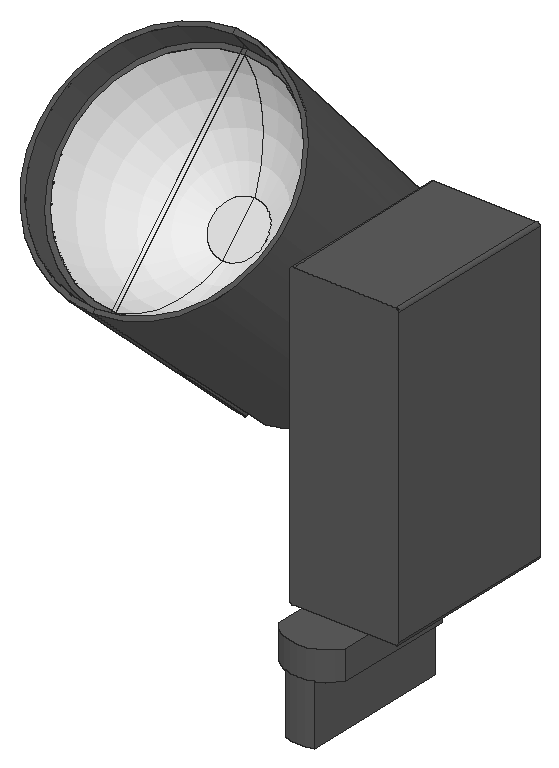
Revit family "0004945 Feilo Sylvania Lighting Fixture START TRACK SPOT L DALI 4448LM 930 MB BLK", category Lighting Fixtures, host Face, Revit 2017 (continued)
Definition of nested family "Start Track Spot Head"
  Types (96, lengths in mm): name | Wattage | built-in parameter 1150134 | Photometric Web File | Model | built-in parameter 1150105 | Lumens | built-in parameter 1150107 | built-in parameter 1150106 | HeadThickness_FEILO | HeadRibOffset_FEILO | HeadRibDepth_FEILO | HeadRibCutWidth_FEILO | HeadRibCutOffset_FEILO | HeadReflectorRadius_FEILO | HeadReflectorOffset_FEILO | HeadLEDRadius_FEILO | HeadHeight_FEILO | HeadDiffusorOffset_FEILO | HeadDiaOut_FEILO | HeadDiaIn_FEILO | HeadAxisFromTop_FEILO | Emit from Circle Diameter | built-in parameter 1150104 | Description | Apparent Load
    0004864 START TRACK SPOT S 24W 3K RA90 WB WHITE | 24 W | (empty or 0) | "0004864.ies" | "START TRACK SPOT S 24W 3K RA90 WB WHITE" | 152.79 (stored number, unit not read) | 1920 lm | 3000 (stored number, unit not read) | 1.5279 (stored number, unit not read) | 1.5 | 4.179 | 55.714 | 7.167 | 50.87 | 50.588 | 55.714 | 9.556 | 117 | 9.435 | 86 | 77.477 | 69.354 | 77.477 | 7.4322 (stored number, unit not read) | "Integrated LED spotlight, Textured White - RAL9016, compact and minimalist design, ideal for retail applications, die-cast aluminium body, passive cooling heatsink. Beam angle: 64°, color temperature: 3000K , total system power: 24W, total fixture output: 1928 lm, LOR: 100%, colour rendering: Ra: 90 typical, LED Chromaticity: 3 step MacAdam ellipse, lifetime: >50000 hours at L70B50, energy class: A++, A+, A, IR/UV free light source without heat radiation, operating voltage: 220-240V / 50-60Hz, drive current: 600mA, electronic driver, non-dimmable, power factor: 0.95, electrical protection: Class II, Global Track 3 Phase adapter suitable for Global trac 3-circuit tracks, ingress protection rating: IP20, suitable for internal environment only, horizontal rotation: 355°, vertical tilt: 90°, dimensions: Ø86x140x200, weight: 0.966kg." | 24 VA
    0004863 START TRACK SPOT S 24W 3K RA90 MB WHITE | 24 W | (empty or 0) | "0004863.ies" | "START TRACK SPOT S 24W 3K RA90 MB WHITE" | 154.7 (stored number, unit not read) | 1944 lm | 3000 (stored number, unit not read) | 1.547 (stored number, unit not read) | 1.5 | 4.179 | 55.714 | 7.167 | 50.87 | 50.588 | 55.714 | 9.556 | 117 | 9.435 | 86 | 77.477 | 69.354 | 77.477 | 7.5251 (stored number, unit not read) | "Integrated LED spotlight, Textured White - RAL9016, compact and minimalist design, ideal for retail applications, die-cast aluminium body, passive cooling heatsink. Beam angle: 36°, color temperature: 3000K , total system power: 24W, total fixture output: 1944 lm, LOR: 100%, colour rendering: Ra: 90 typical, LED Chromaticity: 3 step MacAdam ellipse, lifetime: >50000 hours at L70B50, energy class: A++, A+, A, IR/UV free light source without heat radiation, operating voltage: 220-240V / 50-60Hz, drive current: 600mA, electronic driver, non-dimmable, power factor: 0.95, electrical protection: Class II, Global Track 3 Phase adapter suitable for Global trac 3-circuit tracks, ingress protection rating: IP20, suitable for internal environment only, horizontal rotation: 355°, vertical tilt: 90°, dimensions: Ø86x140x200, weight: 0.966kg." | 24 VA
    0004862 START TRACK SPOT S 24W 3K RA90 NB WHITE | 24 W | (empty or 0) | "0004862.ies" | "START TRACK SPOT S 24W 3K RA90 NB WHITE" | 158.52 (stored number, unit not read) | 1992 lm | 3000 (stored number, unit not read) | 1.5852 (stored number, unit not read) | 1.5 | 4.179 | 55.714 | 7.167 | 50.87 | 50.588 | 55.714 | 9.556 | 117 | 9.435 | 86 | 77.477 | 69.354 | 77.477 | 7.711 (stored number, unit not read) | "Integrated LED spotlight, Textured White - RAL9016, compact and minimalist design, ideal for retail applications, die-cast aluminium body, passive cooling heatsink. Beam angle: 12°, color temperature: 3000K , total system power: 24W, total fixture output: 1987 lm, LOR: 100%, colour rendering: Ra: 90 typical, LED Chromaticity: 3 step MacAdam ellipse, lifetime: >50000 hours at L70B50, energy class: A++, A+, A, IR/UV free light source without heat radiation, operating voltage: 220-240V / 50-60Hz, drive current: 600mA, electronic driver, non-dimmable, power factor: 0.95, electrical protection: Class II, Global Track 3 Phase adapter suitable for Global trac 3-circuit tracks, ingress protection rating: IP20, suitable for internal environment only, horizontal rotation: 355°, vertical tilt: 90°, dimensions: Ø86x140x200, weight: 0.966kg." | 24 VA
    0004861 START TRACK SPOT S 14W 3K RA90 WB WHITE | 14 W | (empty or 0) | "0004861.ies" | "START TRACK SPOT S 14W 3K RA90 WB WHITE" | 100.27 (stored number, unit not read) | 1260 lm | 3000 (stored number, unit not read) | 1.0027 (stored number, unit not read) | 1.5 | 4.179 | 55.714 | 7.167 | 50.87 | 50.588 | 55.714 | 9.556 | 117 | 9.435 | 86 | 77.477 | 69.354 | 77.477 | 8.3613 (stored number, unit not read) | "Integrated LED spotlight, Textured White - RAL9016, compact and minimalist design, ideal for retail applications, die-cast aluminium body, passive cooling heatsink. Beam angle: 64°, color temperature: 3000K , total system power: 14W, total fixture output: 1262 lm, LOR: 100%, colour rendering: Ra: 90 typical, LED Chromaticity: 3 step MacAdam ellipse, lifetime: >50000 hours at L70B50, energy class: A++, A+, A, IR/UV free light source without heat radiation, operating voltage: 220-240V / 50-60Hz, drive current: 350mA, electronic driver, non-dimmable, power factor: 0.92, electrical protection: Class II, Global Track 3 Phase adapter suitable for Global trac 3-circuit tracks, ingress protection rating: IP20, suitable for internal environment only, horizontal rotation: 355°, vertical tilt: 90°, dimensions: Ø86x140x200, weight: 0.940kg." | 14 VA
    0004860 START TRACK SPOT S 14W 3K RA90 MB WHITE | 14 W | (empty or 0) | "0004860.ies" | "START TRACK SPOT S 14W 3K RA90 MB WHITE" | 100.27 (stored number, unit not read) | 1260 lm | 3000 (stored number, unit not read) | 1.0027 (stored number, unit not read) | 1.5 | 4.179 | 55.714 | 7.167 | 50.87 | 50.588 | 55.714 | 9.556 | 117 | 9.435 | 86 | 77.477 | 69.354 | 77.477 | 8.3613 (stored number, unit not read) | "Integrated LED spotlight, Textured White - RAL9016, compact and minimalist design, ideal for retail applications, die-cast aluminium body, passive cooling heatsink. Beam angle: 36°, color temperature: 3000K , total system power: 14W, total fixture output: 1262 lm, LOR: 100%, colour rendering: Ra: 90 typical, LED Chromaticity: 3 step MacAdam ellipse, lifetime: >50000 hours at L70B50, energy class: A++, A+, A, IR/UV free light source without heat radiation, operating voltage: 220-240V / 50-60Hz, drive current: 350mA, electronic driver, non-dimmable, power factor: 0.92, electrical protection: Class II, Global Track 3 Phase adapter suitable for Global trac 3-circuit tracks, ingress protection rating: IP20, suitable for internal environment only, horizontal rotation: 355°, vertical tilt: 90°, dimensions: Ø86x140x200, weight: 0.940kg." | 14 VA
    0004859 START TRACK SPOT S 14W 3K RA90 NB WHITE | 14 W | (empty or 0) | "0004859.ies" | "START TRACK SPOT S 14W 3K RA90 NB WHITE" | 102.5 (stored number, unit not read) | 1288 lm | 3000 (stored number, unit not read) | 1.025 (stored number, unit not read) | 1.5 | 4.179 | 55.714 | 7.167 | 50.87 | 50.588 | 55.714 | 9.556 | 117 | 9.435 | 86 | 77.477 | 69.354 | 77.477 | 8.5471 (stored number, unit not read) | "Integrated LED spotlight, Textured White - RAL9016, compact and minimalist design, ideal for retail applications, die-cast aluminium body, passive cooling heatsink. Beam angle: 12°, color temperature: 3000K , total system power: 14W, total fixture output: 1284 lm, LOR: 100%, colour rendering: Ra: 90 typical, LED Chromaticity: 3 step MacAdam ellipse, lifetime: >50000 hours at L70B50, energy class: A++, A+, A, IR/UV free light source without heat radiation, operating voltage: 220-240V / 50-60Hz, drive current: 350mA, electronic driver, non-dimmable, power factor: 0.92, electrical protection: Class II, Global Track 3 Phase adapter suitable for Global trac 3-circuit tracks, ingress protection rating: IP20, suitable for internal environment only, horizontal rotation: 355°, vertical tilt: 90°, dimensions: Ø86x140x200, weight: 0.940kg." | 14 VA
    0004858 START TRACK SPOT L 55W 4K RA80 WB BLACK | 55 W | 12 | "0004858.ies" | "START TRACK SPOT L 55W 4K RA80 WB BLACK" | 424.55 (stored number, unit not read) | 5335 lm | 4000 (stored number, unit not read) | 4.2455 (stored number, unit not read) | 2 | 4.429 | 59.048 | 9.417 | 53.913 | 66.471 | 59.048 | 12.556 | 124 | 10 | 113 | 101.802 | 73.503 | 101.802 | 9.0116 (stored number, unit not read) | "Integrated LED spotlight, Textured Black - RAL9005, compact and minimalist design, ideal for retail applications, die-cast aluminium body, passive cooling heatsink. Beam angle: 52°, color temperature: 4000K , total system power: 55W, total fixture output: 5320 lm, LOR: 100%, colour rendering: Ra: 80 typical, LED Chromaticity: 3 step MacAdam ellipse, lifetime: >50000 hours at L70B50, energy class: A++, A+, A, IR/UV free light source without heat radiation, operating voltage: 220-240V / 50-60Hz, drive current: 1400mA, electronic driver, non-dimmable, power factor: 0.96, electrical protection: Class II, Global Track 3 Phase adapter suitable for Global trac 3-circuit tracks, ingress protection rating: IP20, suitable for internal environment only, horizontal rotation: 355°, vertical tilt: 90°, dimensions: Ø113x164x240, weight: 1.398kg." | 55 VA
    0004857 START TRACK SPOT L 55W 4K RA80 MB BLACK | 55 W | 12 | "0004857.ies" | "START TRACK SPOT L 55W 4K RA80 MB BLACK" | 428.92 (stored number, unit not read) | 5390 lm | 4000 (stored number, unit not read) | 4.2892 (stored number, unit not read) | 2 | 4.429 | 59.048 | 9.417 | 53.913 | 66.471 | 59.048 | 12.556 | 124 | 10 | 113 | 101.802 | 73.503 | 101.802 | 9.1045 (stored number, unit not read) | "Integrated LED spotlight, Textured Black - RAL9005, compact and minimalist design, ideal for retail applications, die-cast aluminium body, passive cooling heatsink. Beam angle: 38°, color temperature: 4000K , total system power: 55W, total fixture output: 5378 lm, LOR: 100%, colour rendering: Ra: 80 typical, LED Chromaticity: 3 step MacAdam ellipse, lifetime: >50000 hours at L70B50, energy class: A++, A+, A, IR/UV free light source without heat radiation, operating voltage: 220-240V / 50-60Hz, drive current: 1400mA, electronic driver, non-dimmable, power factor: 0.96, electrical protection: Class II, Global Track 3 Phase adapter suitable for Global trac 3-circuit tracks, ingress protection rating: IP20, suitable for internal environment only, horizontal rotation: 355°, vertical tilt: 90°, dimensions: Ø113x164x240, weight: 1.398kg." | 55 VA
    0004856 START TRACK SPOT L 55W 4K RA80 NB BLACK | 55 W | 12 | "0004856.ies" | "START TRACK SPOT L 55W 4K RA80 NB BLACK" | 433.3 (stored number, unit not read) | 5445 lm | 4000 (stored number, unit not read) | 4.333 (stored number, unit not read) | 2 | 4.429 | 59.048 | 9.417 | 53.913 | 66.471 | 59.048 | 12.556 | 124 | 10 | 113 | 101.802 | 73.503 | 101.802 | 9.1974 (stored number, unit not read) | "Integrated LED spotlight, Textured Black - RAL9005, compact and minimalist design, ideal for retail applications, die-cast aluminium body, passive cooling heatsink. Beam angle: 15°, color temperature: 4000K , total system power: 55W, total fixture output: 5426 lm, LOR: 100%, colour rendering: Ra: 80 typical, LED Chromaticity: 3 step MacAdam ellipse, lifetime: >50000 hours at L70B50, energy class: A++, A+, A, IR/UV free light source without heat radiation, operating voltage: 220-240V / 50-60Hz, drive current: 1400mA, electronic driver, non-dimmable, power factor: 0.96, electrical protection: Class II, Global Track 3 Phase adapter suitable for Global trac 3-circuit tracks, ingress protection rating: IP20, suitable for internal environment only, horizontal rotation: 355°, vertical tilt: 90°, dimensions: Ø113x164x240, weight: 1.398kg." | 55 VA
    0004855 START TRACK SPOT L 35W 4K RA80 WB BLACK | 35 W | 12 | "0004855.ies" | "START TRACK SPOT L 35W 4K RA80 WB BLACK" | 320.3 (stored number, unit not read) | 4025 lm | 4000 (stored number, unit not read) | 3.203 (stored number, unit not read) | 2 | 4.429 | 59.048 | 9.417 | 53.913 | 66.471 | 59.048 | 12.556 | 124 | 10 | 113 | 101.802 | 73.503 | 101.802 | 10.684 (stored number, unit not read) | "Integrated LED spotlight, Textured Black - RAL9005, compact and minimalist design, ideal for retail applications, die-cast aluminium body, passive cooling heatsink. Beam angle: 52°, color temperature: 4000K , total system power: 35W, total fixture output: 4010 lm, LOR: 100%, colour rendering: Ra: 80 typical, LED Chromaticity: 3 step MacAdam ellipse, lifetime: >50000 hours at L70B50, energy class: A++, A+, A, IR/UV free light source without heat radiation, operating voltage: 220-240V / 50-60Hz, drive current: 900mA, electronic driver, non-dimmable, power factor: 0.93, electrical protection: Class II, Global Track 3 Phase adapter suitable for Global trac 3-circuit tracks, ingress protection rating: IP20, suitable for internal environment only, horizontal rotation: 355°, vertical tilt: 90°, dimensions: Ø113x164x240, weight: 1.368kg." | 35 VA
    0004854 START TRACK SPOT L 35W 4K RA80 MB BLACK | 35 W | 12 | "0004854.ies" | "START TRACK SPOT L 35W 4K RA80 MB BLACK" | 320.3 (stored number, unit not read) | 4025 lm | 4000 (stored number, unit not read) | 3.203 (stored number, unit not read) | 2 | 4.429 | 59.048 | 9.417 | 53.913 | 66.471 | 59.048 | 12.556 | 124 | 10 | 113 | 101.802 | 73.503 | 101.802 | 10.684 (stored number, unit not read) | "Integrated LED spotlight, Textured Black - RAL9005, compact and minimalist design, ideal for retail applications, die-cast aluminium body, passive cooling heatsink. Beam angle: 38°, color temperature: 4000K , total system power: 35W, total fixture output: 4017 lm, LOR: 100%, colour rendering: Ra: 80 typical, LED Chromaticity: 3 step MacAdam ellipse, lifetime: >50000 hours at L70B50, energy class: A++, A+, A, IR/UV free light source without heat radiation, operating voltage: 220-240V / 50-60Hz, drive current: 900mA, electronic driver, non-dimmable, power factor: 0.93, electrical protection: Class II, Global Track 3 Phase adapter suitable for Global trac 3-circuit tracks, ingress protection rating: IP20, suitable for internal environment only, horizontal rotation: 355°, vertical tilt: 90°, dimensions: Ø113x164x240, weight: 1.368kg." | 35 VA
    0004853 START TRACK SPOT L 35W 4K RA80 NB BLACK | 35 W | 12 | "0004853.ies" | "START TRACK SPOT L 35W 4K RA80 NB BLACK" | 331.44 (stored number, unit not read) | 4165 lm | 4000 (stored number, unit not read) | 3.3144 (stored number, unit not read) | 2 | 4.429 | 59.048 | 9.417 | 53.913 | 66.471 | 59.048 | 12.556 | 124 | 10 | 113 | 101.802 | 73.503 | 101.802 | 11.055 (stored number, unit not read) | "Integrated LED spotlight, Textured Black - RAL9005, compact and minimalist design, ideal for retail applications, die-cast aluminium body, passive cooling heatsink. Beam angle: 15°, color temperature: 4000K , total system power: 35W, total fixture output: 4174 lm, LOR: 100%, colour rendering: Ra: 80 typical, LED Chromaticity: 3 step MacAdam ellipse, lifetime: >50000 hours at L70B50, energy class: A++, A+, A, IR/UV free light source without heat radiation, operating voltage: 220-240V / 50-60Hz, drive current: 900mA, electronic driver, non-dimmable, power factor: 0.93, electrical protection: Class II, Global Track 3 Phase adapter suitable for Global trac 3-circuit tracks, ingress protection rating: IP20, suitable for internal environment only, horizontal rotation: 355°, vertical tilt: 90°, dimensions: Ø113x164x240, weight: 1.368kg." | 35 VA
    0004852 START TRACK SPOT S 24W 4K RA80 WB BLACK | 24 W | 12 | "0004852.ies" | "START TRACK SPOT S 24W 4K RA80 WB BLACK" | 196.72 (stored number, unit not read) | 2472 lm | 4000 (stored number, unit not read) | 1.9672 (stored number, unit not read) | 1.5 | 4.179 | 55.714 | 7.167 | 50.87 | 50.588 | 55.714 | 9.556 | 117 | 9.435 | 86 | 77.477 | 69.354 | 77.477 | 9.569 (stored number, unit not read) | "Integrated LED spotlight, Textured Black - RAL9005, compact and minimalist design, ideal for retail applications, die-cast aluminium body, passive cooling heatsink. Beam angle: 64°, color temperature: 4000K , total system power: 24W, total fixture output: 2476 lm, LOR: 100%, colour rendering: Ra: 80 typical, LED Chromaticity: 3 step MacAdam ellipse, lifetime: >50000 hours at L70B50, energy class: A++, A+, A, IR/UV free light source without heat radiation, operating voltage: 220-240V / 50-60Hz, drive current: 600mA, electronic driver, non-dimmable, power factor: 0.95, electrical protection: Class II, Global Track 3 Phase adapter suitable for Global trac 3-circuit tracks, ingress protection rating: IP20, suitable for internal environment only, horizontal rotation: 355°, vertical tilt: 90°, dimensions: Ø86x140x200, weight: 0.966kg." | 24 VA
    0004851 START TRACK SPOT S 24W 4K RA80 MB BLACK | 24 W | 12 | "0004851.ies" | "START TRACK SPOT S 24W 4K RA80 MB BLACK" | 198.63 (stored number, unit not read) | 2496 lm | 4000 (stored number, unit not read) | 1.9863 (stored number, unit not read) | 1.5 | 4.179 | 55.714 | 7.167 | 50.87 | 50.588 | 55.714 | 9.556 | 117 | 9.435 | 86 | 77.477 | 69.354 | 77.477 | 9.6619 (stored number, unit not read) | "Integrated LED spotlight, Textured Black - RAL9005, compact and minimalist design, ideal for retail applications, die-cast aluminium body, passive cooling heatsink. Beam angle: 36°, color temperature: 4000K , total system power: 24W, total fixture output: 2487 lm, LOR: 100%, colour rendering: Ra: 80 typical, LED Chromaticity: 3 step MacAdam ellipse, lifetime: >50000 hours at L70B50, energy class: A++, A+, A, IR/UV free light source without heat radiation, operating voltage: 220-240V / 50-60Hz, drive current: 600mA, electronic driver, non-dimmable, power factor: 0.95, electrical protection: Class II, Global Track 3 Phase adapter suitable for Global trac 3-circuit tracks, ingress protection rating: IP20, suitable for internal environment only, horizontal rotation: 355°, vertical tilt: 90°, dimensions: Ø86x140x200, weight: 0.966kg." | 24 VA
    0004850 START TRACK SPOT S 24W 4K RA80 NB BLACK | 24 W | 12 | "0004850.ies" | "START TRACK SPOT S 24W 4K RA80 NB BLACK" | 200.54 (stored number, unit not read) | 2520 lm | 4000 (stored number, unit not read) | 2.0054 (stored number, unit not read) | 1.5 | 4.179 | 55.714 | 7.167 | 50.87 | 50.588 | 55.714 | 9.556 | 117 | 9.435 | 86 | 77.477 | 69.354 | 77.477 | 9.7548 (stored number, unit not read) | "Integrated LED spotlight, Textured Black - RAL9005, compact and minimalist design, ideal for retail applications, die-cast aluminium body, passive cooling heatsink. Beam angle: 12°, color temperature: 4000K , total system power: 24W, total fixture output: 2529 lm, LOR: 100%, colour rendering: Ra: 80 typical, LED Chromaticity: 3 step MacAdam ellipse, lifetime: >50000 hours at L70B50, energy class: A++, A+, A, IR/UV free light source without heat radiation, operating voltage: 220-240V / 50-60Hz, drive current: 600mA, electronic driver, non-dimmable, power factor: 0.95, electrical protection: Class II, Global Track 3 Phase adapter suitable for Global trac 3-circuit tracks, ingress protection rating: IP20, suitable for internal environment only, horizontal rotation: 355°, vertical tilt: 90°, dimensions: Ø86x140x200, weight: 0.966kg." | 24 VA
    0004849 START TRACK SPOT S 14W 4K RA80 WB BLACK | 14 W | 12 | "0004849.ies" | "START TRACK SPOT S 14W 4K RA80 WB BLACK" | 123.66 (stored number, unit not read) | 1554 lm | 4000 (stored number, unit not read) | 1.2366 (stored number, unit not read) | 1.5 | 4.179 | 55.714 | 7.167 | 50.87 | 50.588 | 55.714 | 9.556 | 117 | 9.435 | 86 | 77.477 | 69.354 | 77.477 | 10.312 (stored number, unit not read) | "Integrated LED spotlight, Textured Black - RAL9005, compact and minimalist design, ideal for retail applications, die-cast aluminium body, passive cooling heatsink. Beam angle: 64°, color temperature: 4000K , total system power: 14W, total fixture output: 1558 lm, LOR: 100%, colour rendering: Ra: 80 typical, LED Chromaticity: 3 step MacAdam ellipse, lifetime: >50000 hours at L70B50, energy class: A++, A+, A, IR/UV free light source without heat radiation, operating voltage: 220-240V / 50-60Hz, drive current: 350mA, electronic driver, non-dimmable, power factor: 0.92, electrical protection: Class II, Global Track 3 Phase adapter suitable for Global trac 3-circuit tracks, ingress protection rating: IP20, suitable for internal environment only, horizontal rotation: 355°, vertical tilt: 90°, dimensions: Ø86x140x200, weight: 0.940kg." | 14 VA
    0004848 START TRACK SPOT S 14W 4K RA80 MB BLACK | 14 W | 12 | "0004848.ies" | "START TRACK SPOT S 14W 4K RA80 MB BLACK" | 127.01 (stored number, unit not read) | 1596 lm | 4000 (stored number, unit not read) | 1.2701 (stored number, unit not read) | 1.5 | 4.179 | 55.714 | 7.167 | 50.87 | 50.588 | 55.714 | 9.556 | 117 | 9.435 | 86 | 77.477 | 69.354 | 77.477 | 10.591 (stored number, unit not read) | "Integrated LED spotlight, Textured Black - RAL9005, compact and minimalist design, ideal for retail applications, die-cast aluminium body, passive cooling heatsink. Beam angle: 36°, color temperature: 4000K , total system power: 14W, total fixture output: 1598 lm, LOR: 100%, colour rendering: Ra: 80 typical, LED Chromaticity: 3 step MacAdam ellipse, lifetime: >50000 hours at L70B50, energy class: A++, A+, A, IR/UV free light source without heat radiation, operating voltage: 220-240V / 50-60Hz, drive current: 350mA, electronic driver, non-dimmable, power factor: 0.92, electrical protection: Class II, Global Track 3 Phase adapter suitable for Global trac 3-circuit tracks, ingress protection rating: IP20, suitable for internal environment only, horizontal rotation: 355°, vertical tilt: 90°, dimensions: Ø86x140x200, weight: 0.940kg." | 14 VA
    0004847 START TRACK SPOT S 14W 4K RA80 NB BLACK | 14 W | 12 | "0004847.ies" | "START TRACK SPOT S 14W 4K RA80 NB BLACK" | 128.12 (stored number, unit not read) | 1610 lm | 4000 (stored number, unit not read) | 1.2812 (stored number, unit not read) | 1.5 | 4.179 | 55.714 | 7.167 | 50.87 | 50.588 | 55.714 | 9.556 | 117 | 9.435 | 86 | 77.477 | 69.354 | 77.477 | 10.684 (stored number, unit not read) | "Integrated LED spotlight, Textured Black - RAL9005, compact and minimalist design, ideal for retail applications, die-cast aluminium body, passive cooling heatsink. Beam angle: 12°, color temperature: 4000K , total system power: 14W, total fixture output: 1608 lm, LOR: 100%, colour rendering: Ra: 80 typical, LED Chromaticity: 3 step MacAdam ellipse, lifetime: >50000 hours at L70B50, energy class: A++, A+, A, IR/UV free light source without heat radiation, operating voltage: 220-240V / 50-60Hz, drive current: 350mA, electronic driver, non-dimmable, power factor: 0.92, electrical protection: Class II, Global Track 3 Phase adapter suitable for Global trac 3-circuit tracks, ingress protection rating: IP20, suitable for internal environment only, horizontal rotation: 355°, vertical tilt: 90°, dimensions: Ø86x140x200, weight: 0.940kg." | 14 VA
    0004846 START TRACK SPOT L 55W 3K RA80 WB BLACK | 55 W | (empty or 0) | "0004846.ies" | "START TRACK SPOT L 55W 3K RA80 WB BLACK" | 420.17 (stored number, unit not read) | 5280 lm | 3000 (stored number, unit not read) | 4.2017 (stored number, unit not read) | 2 | 4.429 | 59.048 | 9.417 | 53.913 | 66.471 | 59.048 | 12.556 | 124 | 10 | 113 | 101.802 | 73.503 | 101.802 | 8.9187 (stored number, unit not read) | "Integrated LED spotlight, Textured Black - RAL9005, compact and minimalist design, ideal for retail applications, die-cast aluminium body, passive cooling heatsink. Beam angle: 52°, color temperature: 3000K , total system power: 55W, total fixture output: 5298 lm, LOR: 100%, colour rendering: Ra: 80 typical, LED Chromaticity: 3 step MacAdam ellipse, lifetime: >50000 hours at L70B50, energy class: A++, A+, A, IR/UV free light source without heat radiation, operating voltage: 220-240V / 50-60Hz, drive current: 1400mA, electronic driver, non-dimmable, power factor: 0.96, electrical protection: Class II, Global Track 3 Phase adapter suitable for Global trac 3-circuit tracks, ingress protection rating: IP20, suitable for internal environment only, horizontal rotation: 355°, vertical tilt: 90°, dimensions: Ø113x164x240, weight: 1.398kg." | 55 VA
    0004845 START TRACK SPOT L 55W 3K RA80 MB BLACK | 55 W | (empty or 0) | "0004845.ies" | "START TRACK SPOT L 55W 3K RA80 MB BLACK" | 428.92 (stored number, unit not read) | 5390 lm | 3000 (stored number, unit not read) | 4.2892 (stored number, unit not read) | 2 | 4.429 | 59.048 | 9.417 | 53.913 | 66.471 | 59.048 | 12.556 | 124 | 10 | 113 | 101.802 | 73.503 | 101.802 | 9.1045 (stored number, unit not read) | "Integrated LED spotlight, Textured Black - RAL9005, compact and minimalist design, ideal for retail applications, die-cast aluminium body, passive cooling heatsink. Beam angle: 38°, color temperature: 3000K , total system power: 55W, total fixture output: 5381 lm, LOR: 100%, colour rendering: Ra: 80 typical, LED Chromaticity: 3 step MacAdam ellipse, lifetime: >50000 hours at L70B50, energy class: A++, A+, A, IR/UV free light source without heat radiation, operating voltage: 220-240V / 50-60Hz, drive current: 1400mA, electronic driver, non-dimmable, power factor: 0.96, electrical protection: Class II, Global Track 3 Phase adapter suitable for Global trac 3-circuit tracks, ingress protection rating: IP20, suitable for internal environment only, horizontal rotation: 355°, vertical tilt: 90°, dimensions: Ø113x164x240, weight: 1.398kg." | 55 VA
    0004844 START TRACK SPOT L 55W 3K RA80 NB BLACK | 55 W | (empty or 0) | "0004844.ies" | "START TRACK SPOT L 55W 3K RA80 NB BLACK" | 433.3 (stored number, unit not read) | 5445 lm | 3000 (stored number, unit not read) | 4.333 (stored number, unit not read) | 2 | 4.429 | 59.048 | 9.417 | 53.913 | 66.471 | 59.048 | 12.556 | 124 | 10 | 113 | 101.802 | 73.503 | 101.802 | 9.1974 (stored number, unit not read) | "Integrated LED spotlight, Textured Black - RAL9005, compact and minimalist design, ideal for retail applications, die-cast aluminium body, passive cooling heatsink. Beam angle: 15°, color temperature: 3000K , total system power: 55W, total fixture output: 5449 lm, LOR: 100%, colour rendering: Ra: 80 typical, LED Chromaticity: 3 step MacAdam ellipse, lifetime: >50000 hours at L70B50, energy class: A++, A+, A, IR/UV free light source without heat radiation, operating voltage: 220-240V / 50-60Hz, drive current: 1400mA, electronic driver, non-dimmable, power factor: 0.96, electrical protection: Class II, Global Track 3 Phase adapter suitable for Global trac 3-circuit tracks, ingress protection rating: IP20, suitable for internal environment only, horizontal rotation: 355°, vertical tilt: 90°, dimensions: Ø113x164x240, weight: 1.398kg." | 55 VA
    0004843 START TRACK SPOT L 35W 3K RA80 WB BLACK | 35 W | (empty or 0) | "0004843.ies" | "START TRACK SPOT L 35W 3K RA80 WB BLACK" | 314.73 (stored number, unit not read) | 3955 lm | 3000 (stored number, unit not read) | 3.1473 (stored number, unit not read) | 2 | 4.429 | 59.048 | 9.417 | 53.913 | 66.471 | 59.048 | 12.556 | 124 | 10 | 113 | 101.802 | 73.503 | 101.802 | 10.498 (stored number, unit not read) | "Integrated LED spotlight, Textured Black - RAL9005, compact and minimalist design, ideal for retail applications, die-cast aluminium body, passive cooling heatsink. Beam angle: 52°, color temperature: 3000K , total system power: 35W, total fixture output: 3943 lm, LOR: 100%, colour rendering: Ra: 80 typical, LED Chromaticity: 3 step MacAdam ellipse, lifetime: >50000 hours at L70B50, energy class: A++, A+, A, IR/UV free light source without heat radiation, operating voltage: 220-240V / 50-60Hz, drive current: 900mA, electronic driver, non-dimmable, power factor: 0.93, electrical protection: Class II, Global Track 3 Phase adapter suitable for Global trac 3-circuit tracks, ingress protection rating: IP20, suitable for internal environment only, horizontal rotation: 355°, vertical tilt: 90°, dimensions: Ø113x164x240, weight: 1.368kg." | 35 VA
    0004842 START TRACK SPOT L 35W 3K RA80 MB BLACK | 35 W | (empty or 0) | "0004842.ies" | "START TRACK SPOT L 35W 3K RA80 MB BLACK" | 320.3 (stored number, unit not read) | 4025 lm | 3000 (stored number, unit not read) | 3.203 (stored number, unit not read) | 2 | 4.429 | 59.048 | 9.417 | 53.913 | 66.471 | 59.048 | 12.556 | 124 | 10 | 113 | 101.802 | 73.503 | 101.802 | 10.684 (stored number, unit not read) | "Integrated LED spotlight, Textured Black - RAL9005, compact and minimalist design, ideal for retail applications, die-cast aluminium body, passive cooling heatsink. Beam angle: 38°, color temperature: 3000K , total system power: 35W, total fixture output: 4008 lm, LOR: 100%, colour rendering: Ra: 80 typical, LED Chromaticity: 3 step MacAdam ellipse, lifetime: >50000 hours at L70B50, energy class: A++, A+, A, IR/UV free light source without heat radiation, operating voltage: 220-240V / 50-60Hz, drive current: 900mA, electronic driver, non-dimmable, power factor: 0.93, electrical protection: Class II, Global Track 3 Phase adapter suitable for Global trac 3-circuit tracks, ingress protection rating: IP20, suitable for internal environment only, horizontal rotation: 355°, vertical tilt: 90°, dimensions: Ø113x164x240, weight: 1.368kg." | 35 VA
    0004841 START TRACK SPOT L 35W 3K RA80 NB BLACK | 35 W | (empty or 0) | "0004841.ies" | "START TRACK SPOT L 35W 3K RA80 NB BLACK" | 317.51 (stored number, unit not read) | 3990 lm | 3000 (stored number, unit not read) | 3.1751 (stored number, unit not read) | 2 | 4.429 | 59.048 | 9.417 | 53.913 | 66.471 | 59.048 | 12.556 | 124 | 10 | 113 | 101.802 | 73.503 | 101.802 | 10.591 (stored number, unit not read) | "Integrated LED spotlight, Textured Black - RAL9005, compact and minimalist design, ideal for retail applications, die-cast aluminium body, passive cooling heatsink. Beam angle: 15°, color temperature: 3000K , total system power: 35W, total fixture output: 4005 lm, LOR: 100%, colour rendering: Ra: 80 typical, LED Chromaticity: 3 step MacAdam ellipse, lifetime: >50000 hours at L70B50, energy class: A++, A+, A, IR/UV free light source without heat radiation, operating voltage: 220-240V / 50-60Hz, drive current: 900mA, electronic driver, non-dimmable, power factor: 0.93, electrical protection: Class II, Global Track 3 Phase adapter suitable for Global trac 3-circuit tracks, ingress protection rating: IP20, suitable for internal environment only, horizontal rotation: 355°, vertical tilt: 90°, dimensions: Ø113x164x240, weight: 1.368kg." | 35 VA
    0004840 START TRACK SPOT S 24W 3K RA80 WB BLACK | 24 W | (empty or 0) | "0004840.ies" | "START TRACK SPOT S 24W 3K RA80 WB BLACK" | 185.26 (stored number, unit not read) | 2328 lm | 3000 (stored number, unit not read) | 1.8526 (stored number, unit not read) | 1.5 | 4.179 | 55.714 | 7.167 | 50.87 | 50.588 | 55.714 | 9.556 | 117 | 9.435 | 86 | 77.477 | 69.354 | 77.477 | 9.0116 (stored number, unit not read) | "Integrated LED spotlight, Textured Black - RAL9005, compact and minimalist design, ideal for retail applications, die-cast aluminium body, passive cooling heatsink. Beam angle: 64°, color temperature: 3000K , total system power: 24W, total fixture output: 2318 lm, LOR: 100%, colour rendering: Ra: 80 typical, LED Chromaticity: 3 step MacAdam ellipse, lifetime: >50000 hours at L70B50, energy class: A++, A+, A, IR/UV free light source without heat radiation, operating voltage: 220-240V / 50-60Hz, drive current: 600mA, electronic driver, non-dimmable, power factor: 0.95, electrical protection: Class II, Global Track 3 Phase adapter suitable for Global trac 3-circuit tracks, ingress protection rating: IP20, suitable for internal environment only, horizontal rotation: 355°, vertical tilt: 90°, dimensions: Ø86x140x200, weight: 0.966kg." | 24 VA
    0004839 START TRACK SPOT S 24W 3K RA80 MB BLACK | 24 W | (empty or 0) | "0004839.ies" | "START TRACK SPOT S 24W 3K RA80 MB BLACK" | 183.35 (stored number, unit not read) | 2304 lm | 3000 (stored number, unit not read) | 1.8335 (stored number, unit not read) | 1.5 | 4.179 | 55.714 | 7.167 | 50.87 | 50.588 | 55.714 | 9.556 | 117 | 9.435 | 86 | 77.477 | 69.354 | 77.477 | 8.9187 (stored number, unit not read) | "Integrated LED spotlight, Textured Black - RAL9005, compact and minimalist design, ideal for retail applications, die-cast aluminium body, passive cooling heatsink. Beam angle: 36°, color temperature: 3000K , total system power: 24W, total fixture output: 2314 lm, LOR: 100%, colour rendering: Ra: 80 typical, LED Chromaticity: 3 step MacAdam ellipse, lifetime: >50000 hours at L70B50, energy class: A++, A+, A, IR/UV free light source without heat radiation, operating voltage: 220-240V / 50-60Hz, drive current: 600mA, electronic driver, non-dimmable, power factor: 0.95, electrical protection: Class II, Global Track 3 Phase adapter suitable for Global trac 3-circuit tracks, ingress protection rating: IP20, suitable for internal environment only, horizontal rotation: 355°, vertical tilt: 90°, dimensions: Ø86x140x200, weight: 0.966kg." | 24 VA
    0004838 START TRACK SPOT S 24W 3K RA80 NB BLACK | 24 W | (empty or 0) | "0004838.ies" | "START TRACK SPOT S 24W 3K RA80 NB BLACK" | 185.26 (stored number, unit not read) | 2328 lm | 3000 (stored number, unit not read) | 1.8526 (stored number, unit not read) | 1.5 | 4.179 | 55.714 | 7.167 | 50.87 | 50.588 | 55.714 | 9.556 | 117 | 9.435 | 86 | 77.477 | 69.354 | 77.477 | 9.0116 (stored number, unit not read) | "Integrated LED spotlight, Textured Black - RAL9005, compact and minimalist design, ideal for retail applications, die-cast aluminium body, passive cooling heatsink. Beam angle: 12°, color temperature: 3000K , total system power: 24W, total fixture output: 2334 lm, LOR: 100%, colour rendering: Ra: 80 typical, LED Chromaticity: 3 step MacAdam ellipse, lifetime: >50000 hours at L70B50, energy class: A++, A+, A, IR/UV free light source without heat radiation, operating voltage: 220-240V / 50-60Hz, drive current: 600mA, electronic driver, non-dimmable, power factor: 0.95, electrical protection: Class II, Global Track 3 Phase adapter suitable for Global trac 3-circuit tracks, ingress protection rating: IP20, suitable for internal environment only, horizontal rotation: 355°, vertical tilt: 90°, dimensions: Ø86x140x200, weight: 0.966kg." | 24 VA
    0004837 START TRACK SPOT S 14W 3K RA80 WB BLACK | 14 W | (empty or 0) | "0004837.ies" | "START TRACK SPOT S 14W 3K RA80 WB BLACK" | 119.21 (stored number, unit not read) | 1498 lm | 3000 (stored number, unit not read) | 1.1921 (stored number, unit not read) | 1.5 | 4.179 | 55.714 | 7.167 | 50.87 | 50.588 | 55.714 | 9.556 | 117 | 9.435 | 86 | 77.477 | 69.354 | 77.477 | 9.9406 (stored number, unit not read) | "Integrated LED spotlight, Textured Black - RAL9005, compact and minimalist design, ideal for retail applications, die-cast aluminium body, passive cooling heatsink. Beam angle: 64°, color temperature: 3000K , total system power: 14W, total fixture output: 1498 lm, LOR: 100%, colour rendering: Ra: 80 typical, LED Chromaticity: 3 step MacAdam ellipse, lifetime: >50000 hours at L70B50, energy class: A++, A+, A, IR/UV free light source without heat radiation, operating voltage: 220-240V / 50-60Hz, drive current: 350mA, electronic driver, non-dimmable, power factor: 0.92, electrical protection: Class II, Global Track 3 Phase adapter suitable for Global trac 3-circuit tracks, ingress protection rating: IP20, suitable for internal environment only, horizontal rotation: 355°, vertical tilt: 90°, dimensions: Ø86x140x200, weight: 0.940kg." | 14 VA
    0004836 START TRACK SPOT S 14W 3K RA80 MB BLACK | 14 W | (empty or 0) | "0004836.ies" | "START TRACK SPOT S 14W 3K RA80 MB BLACK" | 120.32 (stored number, unit not read) | 1512 lm | 3000 (stored number, unit not read) | 1.2032 (stored number, unit not read) | 1.5 | 4.179 | 55.714 | 7.167 | 50.87 | 50.588 | 55.714 | 9.556 | 117 | 9.435 | 86 | 77.477 | 69.354 | 77.477 | 10.034 (stored number, unit not read) | "Integrated LED spotlight, Textured Black - RAL9005, compact and minimalist design, ideal for retail applications, die-cast aluminium body, passive cooling heatsink. Beam angle: 36°, color temperature: 3000K , total system power: 14W, total fixture output: 1508 lm, LOR: 100%, colour rendering: Ra: 80 typical, LED Chromaticity: 3 step MacAdam ellipse, lifetime: >50000 hours at L70B50, energy class: A++, A+, A, IR/UV free light source without heat radiation, operating voltage: 220-240V / 50-60Hz, drive current: 350mA, electronic driver, non-dimmable, power factor: 0.92, electrical protection: Class II, Global Track 3 Phase adapter suitable for Global trac 3-circuit tracks, ingress protection rating: IP20, suitable for internal environment only, horizontal rotation: 355°, vertical tilt: 90°, dimensions: Ø86x140x200, weight: 0.940kg." | 14 VA
    0004835 START TRACK SPOT S 14W 3K RA80 NB BLACK | 14 W | (empty or 0) | "0004835.ies" | "START TRACK SPOT S 14W 3K RA80 NB BLACK" | 123.66 (stored number, unit not read) | 1554 lm | 3000 (stored number, unit not read) | 1.2366 (stored number, unit not read) | 1.5 | 4.179 | 55.714 | 7.167 | 50.87 | 50.588 | 55.714 | 9.556 | 117 | 9.435 | 86 | 77.477 | 69.354 | 77.477 | 10.312 (stored number, unit not read) | "Integrated LED spotlight, Textured Black - RAL9005, compact and minimalist design, ideal for retail applications, die-cast aluminium body, passive cooling heatsink. Beam angle: 12°, color temperature: 3000K , total system power: 14W, total fixture output: 1551 lm, LOR: 100%, colour rendering: Ra: 80 typical, LED Chromaticity: 3 step MacAdam ellipse, lifetime: >50000 hours at L70B50, energy class: A++, A+, A, IR/UV free light source without heat radiation, operating voltage: 220-240V / 50-60Hz, drive current: 350mA, electronic driver, non-dimmable, power factor: 0.92, electrical protection: Class II, Global Track 3 Phase adapter suitable for Global trac 3-circuit tracks, ingress protection rating: IP20, suitable for internal environment only, horizontal rotation: 355°, vertical tilt: 90°, dimensions: Ø86x140x200, weight: 0.940kg." | 14 VA
    0004834 START TRACK SPOT L 55W 4K RA80 WB WHITE | 55 W | 12 | "0004834.ies" | "START TRACK SPOT L 55W 4K RA80 WB WHITE" | 424.55 (stored number, unit not read) | 5335 lm | 4000 (stored number, unit not read) | 4.2455 (stored number, unit not read) | 2 | 4.429 | 59.048 | 9.417 | 53.913 | 66.471 | 59.048 | 12.556 | 124 | 10 | 113 | 101.802 | 73.503 | 101.802 | 9.0116 (stored number, unit not read) | "Integrated LED spotlight, Textured White - RAL9016, compact and minimalist design, ideal for retail applications, die-cast aluminium body, passive cooling heatsink. Beam angle: 52°, color temperature: 4000K , total system power: 55W, total fixture output: 5320 lm, LOR: 100%, colour rendering: Ra: 80 typical, LED Chromaticity: 3 step MacAdam ellipse, lifetime: >50000 hours at L70B50, energy class: A++, A+, A, IR/UV free light source without heat radiation, operating voltage: 220-240V / 50-60Hz, drive current: 1400mA, electronic driver, non-dimmable, power factor: 0.96, electrical protection: Class II, Global Track 3 Phase adapter suitable for Global trac 3-circuit tracks, ingress protection rating: IP20, suitable for internal environment only, horizontal rotation: 355°, vertical tilt: 90°, dimensions: Ø113x164x240, weight: 1.398kg." | 55 VA
    0004833 START TRACK SPOT L 55W 4K RA80 MB WHITE | 55 W | 12 | "0004833.ies" | "START TRACK SPOT L 55W 4K RA80 MB WHITE" | 428.92 (stored number, unit not read) | 5390 lm | 4000 (stored number, unit not read) | 4.2892 (stored number, unit not read) | 2 | 4.429 | 59.048 | 9.417 | 53.913 | 66.471 | 59.048 | 12.556 | 124 | 10 | 113 | 101.802 | 73.503 | 101.802 | 9.1045 (stored number, unit not read) | "Integrated LED spotlight, Textured White - RAL9016, compact and minimalist design, ideal for retail applications, die-cast aluminium body, passive cooling heatsink. Beam angle: 38°, color temperature: 4000K , total system power: 55W, total fixture output: 5378 lm, LOR: 100%, colour rendering: Ra: 80 typical, LED Chromaticity: 3 step MacAdam ellipse, lifetime: >50000 hours at L70B50, energy class: A++, A+, A, IR/UV free light source without heat radiation, operating voltage: 220-240V / 50-60Hz, drive current: 1400mA, electronic driver, non-dimmable, power factor: 0.96, electrical protection: Class II, Global Track 3 Phase adapter suitable for Global trac 3-circuit tracks, ingress protection rating: IP20, suitable for internal environment only, horizontal rotation: 355°, vertical tilt: 90°, dimensions: Ø113x164x240, weight: 1.398kg." | 55 VA
    0004832 START TRACK SPOT L 55W 4K RA80 NB WHITE | 55 W | 12 | "0004832.ies" | "START TRACK SPOT L 55W 4K RA80 NB WHITE" | 433.3 (stored number, unit not read) | 5445 lm | 4000 (stored number, unit not read) | 4.333 (stored number, unit not read) | 2 | 4.429 | 59.048 | 9.417 | 53.913 | 66.471 | 59.048 | 12.556 | 124 | 10 | 113 | 101.802 | 73.503 | 101.802 | 9.1974 (stored number, unit not read) | "Integrated LED spotlight, Textured White - RAL9016, compact and minimalist design, ideal for retail applications, die-cast aluminium body, passive cooling heatsink. Beam angle: 15°, color temperature: 4000K , total system power: 55W, total fixture output: 5426 lm, LOR: 100%, colour rendering: Ra: 80 typical, LED Chromaticity: 3 step MacAdam ellipse, lifetime: >50000 hours at L70B50, energy class: A++, A+, A, IR/UV free light source without heat radiation, operating voltage: 220-240V / 50-60Hz, drive current: 1400mA, electronic driver, non-dimmable, power factor: 0.96, electrical protection: Class II, Global Track 3 Phase adapter suitable for Global trac 3-circuit tracks, ingress protection rating: IP20, suitable for internal environment only, horizontal rotation: 355°, vertical tilt: 90°, dimensions: Ø113x164x240, weight: 1.398kg." | 55 VA
    0004831 START TRACK SPOT L 35W 4K RA80 WB WHITE | 35 W | 12 | "0004831.ies" | "START TRACK SPOT L 35W 4K RA80 WB WHITE" | 320.3 (stored number, unit not read) | 4025 lm | 4000 (stored number, unit not read) | 3.203 (stored number, unit not read) | 2 | 4.429 | 59.048 | 9.417 | 53.913 | 66.471 | 59.048 | 12.556 | 124 | 10 | 113 | 101.802 | 73.503 | 101.802 | 10.684 (stored number, unit not read) | "Integrated LED spotlight, Textured White - RAL9016, compact and minimalist design, ideal for retail applications, die-cast aluminium body, passive cooling heatsink. Beam angle: 52°, color temperature: 4000K , total system power: 35W, total fixture output: 4010 lm, LOR: 100%, colour rendering: Ra: 80 typical, LED Chromaticity: 3 step MacAdam ellipse, lifetime: >50000 hours at L70B50, energy class: A++, A+, A, IR/UV free light source without heat radiation, operating voltage: 220-240V / 50-60Hz, drive current: 900mA, electronic driver, non-dimmable, power factor: 0.93, electrical protection: Class II, Global Track 3 Phase adapter suitable for Global trac 3-circuit tracks, ingress protection rating: IP20, suitable for internal environment only, horizontal rotation: 355°, vertical tilt: 90°, dimensions: Ø113x164x240, weight: 1.368kg." | 35 VA
    0004830 START TRACK SPOT L 35W 4K RA80 MB WHITE | 35 W | 12 | "0004830.ies" | "START TRACK SPOT L 35W 4K RA80 MB WHITE" | 320.3 (stored number, unit not read) | 4025 lm | 4000 (stored number, unit not read) | 3.203 (stored number, unit not read) | 2 | 4.429 | 59.048 | 9.417 | 53.913 | 66.471 | 59.048 | 12.556 | 124 | 10 | 113 | 101.802 | 73.503 | 101.802 | 10.684 (stored number, unit not read) | "Integrated LED spotlight, Textured White - RAL9016, compact and minimalist design, ideal for retail applications, die-cast aluminium body, passive cooling heatsink. Beam angle: 38°, color temperature: 4000K , total system power: 35W, total fixture output: 4017 lm, LOR: 100%, colour rendering: Ra: 80 typical, LED Chromaticity: 3 step MacAdam ellipse, lifetime: >50000 hours at L70B50, energy class: A++, A+, A, IR/UV free light source without heat radiation, operating voltage: 220-240V / 50-60Hz, drive current: 900mA, electronic driver, non-dimmable, power factor: 0.93, electrical protection: Class II, Global Track 3 Phase adapter suitable for Global trac 3-circuit tracks, ingress protection rating: IP20, suitable for internal environment only, horizontal rotation: 355°, vertical tilt: 90°, dimensions: Ø113x164x240, weight: 1.368kg." | 35 VA
    0004829 START TRACK SPOT L 35W 4K RA80 NB WHITE | 35 W | 12 | "0004829.ies" | "START TRACK SPOT L 35W 4K RA80 NB WHITE" | 331.44 (stored number, unit not read) | 4165 lm | 4000 (stored number, unit not read) | 3.3144 (stored number, unit not read) | 2 | 4.429 | 59.048 | 9.417 | 53.913 | 66.471 | 59.048 | 12.556 | 124 | 10 | 113 | 101.802 | 73.503 | 101.802 | 11.055 (stored number, unit not read) | "Integrated LED spotlight, Textured White - RAL9016, compact and minimalist design, ideal for retail applications, die-cast aluminium body, passive cooling heatsink. Beam angle: 15°, color temperature: 4000K , total system power: 35W, total fixture output: 4174 lm, LOR: 100%, colour rendering: Ra: 80 typical, LED Chromaticity: 3 step MacAdam ellipse, lifetime: >50000 hours at L70B50, energy class: A++, A+, A, IR/UV free light source without heat radiation, operating voltage: 220-240V / 50-60Hz, drive current: 900mA, electronic driver, non-dimmable, power factor: 0.93, electrical protection: Class II, Global Track 3 Phase adapter suitable for Global trac 3-circuit tracks, ingress protection rating: IP20, suitable for internal environment only, horizontal rotation: 355°, vertical tilt: 90°, dimensions: Ø113x164x240, weight: 1.368kg." | 35 VA
    0004828 START TRACK SPOT S 24W 4K RA80 WB WHITE | 24 W | 12 | "0004828.ies" | "START TRACK SPOT S 24W 4K RA80 WB WHITE" | 196.72 (stored number, unit not read) | 2472 lm | 4000 (stored number, unit not read) | 1.9672 (stored number, unit not read) | 1.5 | 4.179 | 55.714 | 7.167 | 50.87 | 50.588 | 55.714 | 9.556 | 117 | 9.435 | 86 | 77.477 | 69.354 | 77.477 | 9.569 (stored number, unit not read) | "Integrated LED spotlight, Textured White - RAL9016, compact and minimalist design, ideal for retail applications, die-cast aluminium body, passive cooling heatsink. Beam angle: 64°, color temperature: 4000K , total system power: 24W, total fixture output: 2476 lm, LOR: 100%, colour rendering: Ra: 80 typical, LED Chromaticity: 3 step MacAdam ellipse, lifetime: >50000 hours at L70B50, energy class: A++, A+, A, IR/UV free light source without heat radiation, operating voltage: 220-240V / 50-60Hz, drive current: 600mA, electronic driver, non-dimmable, power factor: 0.95, electrical protection: Class II, Global Track 3 Phase adapter suitable for Global trac 3-circuit tracks, ingress protection rating: IP20, suitable for internal environment only, horizontal rotation: 355°, vertical tilt: 90°, dimensions: Ø86x140x200, weight: 0.966kg." | 24 VA
    0004827 START TRACK SPOT S 24W 4K RA80 MB WHITE | 24 W | 12 | "0004827.ies" | "START TRACK SPOT S 24W 4K RA80 MB WHITE" | 198.63 (stored number, unit not read) | 2496 lm | 4000 (stored number, unit not read) | 1.9863 (stored number, unit not read) | 1.5 | 4.179 | 55.714 | 7.167 | 50.87 | 50.588 | 55.714 | 9.556 | 117 | 9.435 | 86 | 77.477 | 69.354 | 77.477 | 9.6619 (stored number, unit not read) | "Integrated LED spotlight, Textured White - RAL9016, compact and minimalist design, ideal for retail applications, die-cast aluminium body, passive cooling heatsink. Beam angle: 36°, color temperature: 4000K , total system power: 24W, total fixture output: 2487 lm, LOR: 100%, colour rendering: Ra: 80 typical, LED Chromaticity: 3 step MacAdam ellipse, lifetime: >50000 hours at L70B50, energy class: A++, A+, A, IR/UV free light source without heat radiation, operating voltage: 220-240V / 50-60Hz, drive current: 600mA, electronic driver, non-dimmable, power factor: 0.95, electrical protection: Class II, Global Track 3 Phase adapter suitable for Global trac 3-circuit tracks, ingress protection rating: IP20, suitable for internal environment only, horizontal rotation: 355°, vertical tilt: 90°, dimensions: Ø86x140x200, weight: 0.966kg." | 24 VA
    0004826 START TRACK SPOT S 24W 4K RA80 NB WHITE | 24 W | 12 | "0004826.ies" | "START TRACK SPOT S 24W 4K RA80 NB WHITE" | 200.54 (stored number, unit not read) | 2520 lm | 4000 (stored number, unit not read) | 2.0054 (stored number, unit not read) | 1.5 | 4.179 | 55.714 | 7.167 | 50.87 | 50.588 | 55.714 | 9.556 | 117 | 9.435 | 86 | 77.477 | 69.354 | 77.477 | 9.7548 (stored number, unit not read) | "Integrated LED spotlight, Textured White - RAL9016, compact and minimalist design, ideal for retail applications, die-cast aluminium body, passive cooling heatsink. Beam angle: 12°, color temperature: 4000K , total system power: 24W, total fixture output: 2529 lm, LOR: 100%, colour rendering: Ra: 80 typical, LED Chromaticity: 3 step MacAdam ellipse, lifetime: >50000 hours at L70B50, energy class: A++, A+, A, IR/UV free light source without heat radiation, operating voltage: 220-240V / 50-60Hz, drive current: 600mA, electronic driver, non-dimmable, power factor: 0.95, electrical protection: Class II, Global Track 3 Phase adapter suitable for Global trac 3-circuit tracks, ingress protection rating: IP20, suitable for internal environment only, horizontal rotation: 355°, vertical tilt: 90°, dimensions: Ø86x140x200, weight: 0.966kg." | 24 VA
    0004825 START TRACK SPOT S 14W 4K RA80 WB WHITE | 14 W | 12 | "0004825.ies" | "START TRACK SPOT S 14W 4K RA80 WB WHITE" | 123.66 (stored number, unit not read) | 1554 lm | 4000 (stored number, unit not read) | 1.2366 (stored number, unit not read) | 1.5 | 4.179 | 55.714 | 7.167 | 50.87 | 50.588 | 55.714 | 9.556 | 117 | 9.435 | 86 | 77.477 | 69.354 | 77.477 | 10.312 (stored number, unit not read) | "Integrated LED spotlight, Textured White - RAL9016, compact and minimalist design, ideal for retail applications, die-cast aluminium body, passive cooling heatsink. Beam angle: 64°, color temperature: 4000K , total system power: 14W, total fixture output: 1558 lm, LOR: 100%, colour rendering: Ra: 80 typical, LED Chromaticity: 3 step MacAdam ellipse, lifetime: >50000 hours at L70B50, energy class: A++, A+, A, IR/UV free light source without heat radiation, operating voltage: 220-240V / 50-60Hz, drive current: 350mA, electronic driver, non-dimmable, power factor: 0.92, electrical protection: Class II, Global Track 3 Phase adapter suitable for Global trac 3-circuit tracks, ingress protection rating: IP20, suitable for internal environment only, horizontal rotation: 355°, vertical tilt: 90°, dimensions: Ø86x140x200, weight: 0.940kg." | 14 VA
    0004824 START TRACK SPOT S 14W 4K RA80 MB WHITE | 14 W | 12 | "0004824.ies" | "START TRACK SPOT S 14W 4K RA80 MB WHITE" | 127.01 (stored number, unit not read) | 1596 lm | 4000 (stored number, unit not read) | 1.2701 (stored number, unit not read) | 1.5 | 4.179 | 55.714 | 7.167 | 50.87 | 50.588 | 55.714 | 9.556 | 117 | 9.435 | 86 | 77.477 | 69.354 | 77.477 | 10.591 (stored number, unit not read) | "Integrated LED spotlight, Textured White - RAL9016, compact and minimalist design, ideal for retail applications, die-cast aluminium body, passive cooling heatsink. Beam angle: 36°, color temperature: 4000K , total system power: 14W, total fixture output: 1598 lm, LOR: 100%, colour rendering: Ra: 80 typical, LED Chromaticity: 3 step MacAdam ellipse, lifetime: >50000 hours at L70B50, energy class: A++, A+, A, IR/UV free light source without heat radiation, operating voltage: 220-240V / 50-60Hz, drive current: 350mA, electronic driver, non-dimmable, power factor: 0.92, electrical protection: Class II, Global Track 3 Phase adapter suitable for Global trac 3-circuit tracks, ingress protection rating: IP20, suitable for internal environment only, horizontal rotation: 355°, vertical tilt: 90°, dimensions: Ø86x140x200, weight: 0.940kg." | 14 VA
    0004823 START TRACK SPOT S 14W 4K RA80 NB WHITE | 14 W | 12 | "0004823.ies" | "START TRACK SPOT S 14W 4K RA80 NB WHITE" | 128.12 (stored number, unit not read) | 1610 lm | 4000 (stored number, unit not read) | 1.2812 (stored number, unit not read) | 1.5 | 4.179 | 55.714 | 7.167 | 50.87 | 50.588 | 55.714 | 9.556 | 117 | 9.435 | 86 | 77.477 | 69.354 | 77.477 | 10.684 (stored number, unit not read) | "Integrated LED spotlight, Textured White - RAL9016, compact and minimalist design, ideal for retail applications, die-cast aluminium body, passive cooling heatsink. Beam angle: 12°, color temperature: 4000K , total system power: 14W, total fixture output: 1608 lm, LOR: 100%, colour rendering: Ra: 80 typical, LED Chromaticity: 3 step MacAdam ellipse, lifetime: >50000 hours at L70B50, energy class: A++, A+, A, IR/UV free light source without heat radiation, operating voltage: 220-240V / 50-60Hz, drive current: 350mA, electronic driver, non-dimmable, power factor: 0.92, electrical protection: Class II, Global Track 3 Phase adapter suitable for Global trac 3-circuit tracks, ingress protection rating: IP20, suitable for internal environment only, horizontal rotation: 355°, vertical tilt: 90°, dimensions: Ø86x140x200, weight: 0.940kg." | 14 VA
    0004822 START TRACK SPOT L 55W 3K RA80 WB WHITE | 55 W | (empty or 0) | "0004822.ies" | "START TRACK SPOT L 55W 3K RA80 WB WHITE" | 420.17 (stored number, unit not read) | 5280 lm | 3000 (stored number, unit not read) | 4.2017 (stored number, unit not read) | 2 | 4.429 | 59.048 | 9.417 | 53.913 | 66.471 | 59.048 | 12.556 | 124 | 10 | 113 | 101.802 | 73.503 | 101.802 | 8.9187 (stored number, unit not read) | "Integrated LED spotlight, Textured White - RAL9016, compact and minimalist design, ideal for retail applications, die-cast aluminium body, passive cooling heatsink. Beam angle: 52°, color temperature: 3000K , total system power: 55W, total fixture output: 5298 lm, LOR: 100%, colour rendering: Ra: 80 typical, LED Chromaticity: 3 step MacAdam ellipse, lifetime: >50000 hours at L70B50, energy class: A++, A+, A, IR/UV free light source without heat radiation, operating voltage: 220-240V / 50-60Hz, drive current: 1400mA, electronic driver, non-dimmable, power factor: 0.96, electrical protection: Class II, Global Track 3 Phase adapter suitable for Global trac 3-circuit tracks, ingress protection rating: IP20, suitable for internal environment only, horizontal rotation: 355°, vertical tilt: 90°, dimensions: Ø113x164x240, weight: 1.398kg." | 55 VA
    0004821 START TRACK SPOT L 55W 3K RA80 MB WHITE | 55 W | (empty or 0) | "0004821.ies" | "START TRACK SPOT L 55W 3K RA80 MB WHITE" | 428.92 (stored number, unit not read) | 5390 lm | 3000 (stored number, unit not read) | 4.2892 (stored number, unit not read) | 2 | 4.429 | 59.048 | 9.417 | 53.913 | 66.471 | 59.048 | 12.556 | 124 | 10 | 113 | 101.802 | 73.503 | 101.802 | 9.1045 (stored number, unit not read) | "Integrated LED spotlight, Textured White - RAL9016, compact and minimalist design, ideal for retail applications, die-cast aluminium body, passive cooling heatsink. Beam angle: 38°, color temperature: 3000K , total system power: 55W, total fixture output: 5381 lm, LOR: 100%, colour rendering: Ra: 80 typical, LED Chromaticity: 3 step MacAdam ellipse, lifetime: >50000 hours at L70B50, energy class: A++, A+, A, IR/UV free light source without heat radiation, operating voltage: 220-240V / 50-60Hz, drive current: 1400mA, electronic driver, non-dimmable, power factor: 0.96, electrical protection: Class II, Global Track 3 Phase adapter suitable for Global trac 3-circuit tracks, ingress protection rating: IP20, suitable for internal environment only, horizontal rotation: 355°, vertical tilt: 90°, dimensions: Ø113x164x240, weight: 1.398kg." | 55 VA
    0004820 START TRACK SPOT L 55W 3K RA80 NB WHITE | 55 W | (empty or 0) | "0004820.ies" | "START TRACK SPOT L 55W 3K RA80 NB WHITE" | 433.3 (stored number, unit not read) | 5445 lm | 3000 (stored number, unit not read) | 4.333 (stored number, unit not read) | 2 | 4.429 | 59.048 | 9.417 | 53.913 | 66.471 | 59.048 | 12.556 | 124 | 10 | 113 | 101.802 | 73.503 | 101.802 | 9.1974 (stored number, unit not read) | "Integrated LED spotlight, Textured White - RAL9016, compact and minimalist design, ideal for retail applications, die-cast aluminium body, passive cooling heatsink. Beam angle: 15°, color temperature: 3000K , total system power: 55W, total fixture output: 5449 lm, LOR: 100%, colour rendering: Ra: 80 typical, LED Chromaticity: 3 step MacAdam ellipse, lifetime: >50000 hours at L70B50, energy class: A++, A+, A, IR/UV free light source without heat radiation, operating voltage: 220-240V / 50-60Hz, drive current: 1400mA, electronic driver, non-dimmable, power factor: 0.96, electrical protection: Class II, Global Track 3 Phase adapter suitable for Global trac 3-circuit tracks, ingress protection rating: IP20, suitable for internal environment only, horizontal rotation: 355°, vertical tilt: 90°, dimensions: Ø113x164x240, weight: 1.398kg." | 55 VA
    0004819 START TRACK SPOT L 35W 3K RA80 WB WHITE | 35 W | (empty or 0) | "0004819.ies" | "START TRACK SPOT L 35W 3K RA80 WB WHITE" | 314.73 (stored number, unit not read) | 3955 lm | 3000 (stored number, unit not read) | 3.1473 (stored number, unit not read) | 2 | 4.429 | 59.048 | 9.417 | 53.913 | 66.471 | 59.048 | 12.556 | 124 | 10 | 113 | 101.802 | 73.503 | 101.802 | 10.498 (stored number, unit not read) | "Integrated LED spotlight, Textured White - RAL9016, compact and minimalist design, ideal for retail applications, die-cast aluminium body, passive cooling heatsink. Beam angle: 52°, color temperature: 3000K , total system power: 35W, total fixture output: 3943 lm, LOR: 100%, colour rendering: Ra: 80 typical, LED Chromaticity: 3 step MacAdam ellipse, lifetime: >50000 hours at L70B50, energy class: A++, A+, A, IR/UV free light source without heat radiation, operating voltage: 220-240V / 50-60Hz, drive current: 900mA, electronic driver, non-dimmable, power factor: 0.93, electrical protection: Class II, Global Track 3 Phase adapter suitable for Global trac 3-circuit tracks, ingress protection rating: IP20, suitable for internal environment only, horizontal rotation: 355°, vertical tilt: 90°, dimensions: Ø113x164x240, weight: 1.368kg." | 35 VA
    0004818 START TRACK SPOT L 35W 3K RA80 MB WHITE | 35 W | (empty or 0) | "0004818.ies" | "START TRACK SPOT L 35W 3K RA80 MB WHITE" | 320.3 (stored number, unit not read) | 4025 lm | 3000 (stored number, unit not read) | 3.203 (stored number, unit not read) | 2 | 4.429 | 59.048 | 9.417 | 53.913 | 66.471 | 59.048 | 12.556 | 124 | 10 | 113 | 101.802 | 73.503 | 101.802 | 10.684 (stored number, unit not read) | "Integrated LED spotlight, Textured White - RAL9016, compact and minimalist design, ideal for retail applications, die-cast aluminium body, passive cooling heatsink. Beam angle: 38°, color temperature: 3000K , total system power: 35W, total fixture output: 4008 lm, LOR: 100%, colour rendering: Ra: 80 typical, LED Chromaticity: 3 step MacAdam ellipse, lifetime: >50000 hours at L70B50, energy class: A++, A+, A, IR/UV free light source without heat radiation, operating voltage: 220-240V / 50-60Hz, drive current: 900mA, electronic driver, non-dimmable, power factor: 0.93, electrical protection: Class II, Global Track 3 Phase adapter suitable for Global trac 3-circuit tracks, ingress protection rating: IP20, suitable for internal environment only, horizontal rotation: 355°, vertical tilt: 90°, dimensions: Ø113x164x240, weight: 1.368kg." | 35 VA
    0004817 START TRACK SPOT L 35W 3K RA80 NB WHITE | 35 W | (empty or 0) | "0004817.ies" | "START TRACK SPOT L 35W 3K RA80 NB WHITE" | 317.51 (stored number, unit not read) | 3990 lm | 3000 (stored number, unit not read) | 3.1751 (stored number, unit not read) | 2 | 4.429 | 59.048 | 9.417 | 53.913 | 66.471 | 59.048 | 12.556 | 124 | 10 | 113 | 101.802 | 73.503 | 101.802 | 10.591 (stored number, unit not read) | "Integrated LED spotlight, Textured White - RAL9016, compact and minimalist design, ideal for retail applications, die-cast aluminium body, passive cooling heatsink. Beam angle: 15°, color temperature: 3000K , total system power: 35W, total fixture output: 4005 lm, LOR: 100%, colour rendering: Ra: 80 typical, LED Chromaticity: 3 step MacAdam ellipse, lifetime: >50000 hours at L70B50, energy class: A++, A+, A, IR/UV free light source without heat radiation, operating voltage: 220-240V / 50-60Hz, drive current: 900mA, electronic driver, non-dimmable, power factor: 0.93, electrical protection: Class II, Global Track 3 Phase adapter suitable for Global trac 3-circuit tracks, ingress protection rating: IP20, suitable for internal environment only, horizontal rotation: 355°, vertical tilt: 90°, dimensions: Ø113x164x240, weight: 1.368kg." | 35 VA
    0004816 START TRACK SPOT S 24W 3K RA80 WB WHITE | 24 W | (empty or 0) | "0004816.ies" | "START TRACK SPOT S 24W 3K RA80 WB WHITE" | 185.26 (stored number, unit not read) | 2328 lm | 3000 (stored number, unit not read) | 1.8526 (stored number, unit not read) | 1.5 | 4.179 | 55.714 | 7.167 | 50.87 | 50.588 | 55.714 | 9.556 | 117 | 9.435 | 86 | 77.477 | 69.354 | 77.477 | 9.0116 (stored number, unit not read) | "Integrated LED spotlight, Textured White - RAL9016, compact and minimalist design, ideal for retail applications, die-cast aluminium body, passive cooling heatsink. Beam angle: 64°, color temperature: 3000K , total system power: 24W, total fixture output: 2318 lm, LOR: 100%, colour rendering: Ra: 80 typical, LED Chromaticity: 3 step MacAdam ellipse, lifetime: >50000 hours at L70B50, energy class: A++, A+, A, IR/UV free light source without heat radiation, operating voltage: 220-240V / 50-60Hz, drive current: 600mA, electronic driver, non-dimmable, power factor: 0.95, electrical protection: Class II, Global Track 3 Phase adapter suitable for Global trac 3-circuit tracks, ingress protection rating: IP20, suitable for internal environment only, horizontal rotation: 355°, vertical tilt: 90°, dimensions: Ø86x140x200, weight: 0.966kg." | 24 VA
    0004815 START TRACK SPOT S 24W 3K RA80 MB WHITE | 24 W | (empty or 0) | "0004815.ies" | "START TRACK SPOT S 24W 3K RA80 MB WHITE" | 183.35 (stored number, unit not read) | 2304 lm | 3000 (stored number, unit not read) | 1.8335 (stored number, unit not read) | 1.5 | 4.179 | 55.714 | 7.167 | 50.87 | 50.588 | 55.714 | 9.556 | 117 | 9.435 | 86 | 77.477 | 69.354 | 77.477 | 8.9187 (stored number, unit not read) | "Integrated LED spotlight, Textured White - RAL9016, compact and minimalist design, ideal for retail applications, die-cast aluminium body, passive cooling heatsink. Beam angle: 36°, color temperature: 3000K , total system power: 24W, total fixture output: 2314 lm, LOR: 100%, colour rendering: Ra: 80 typical, LED Chromaticity: 3 step MacAdam ellipse, lifetime: >50000 hours at L70B50, energy class: A++, A+, A, IR/UV free light source without heat radiation, operating voltage: 220-240V / 50-60Hz, drive current: 600mA, electronic driver, non-dimmable, power factor: 0.95, electrical protection: Class II, Global Track 3 Phase adapter suitable for Global trac 3-circuit tracks, ingress protection rating: IP20, suitable for internal environment only, horizontal rotation: 355°, vertical tilt: 90°, dimensions: Ø86x140x200, weight: 0.966kg." | 24 VA
    0004814 START TRACK SPOT S 24W 3K RA80 NB WHITE | 24 W | (empty or 0) | "0004814.ies" | "START TRACK SPOT S 24W 3K RA80 NB WHITE" | 185.26 (stored number, unit not read) | 2328 lm | 3000 (stored number, unit not read) | 1.8526 (stored number, unit not read) | 1.5 | 4.179 | 55.714 | 7.167 | 50.87 | 50.588 | 55.714 | 9.556 | 117 | 9.435 | 86 | 77.477 | 69.354 | 77.477 | 9.0116 (stored number, unit not read) | "Integrated LED spotlight, Textured White - RAL9016, compact and minimalist design, ideal for retail applications, die-cast aluminium body, passive cooling heatsink. Beam angle: 12°, color temperature: 3000K , total system power: 24W, total fixture output: 2334 lm, LOR: 100%, colour rendering: Ra: 80 typical, LED Chromaticity: 3 step MacAdam ellipse, lifetime: >50000 hours at L70B50, energy class: A++, A+, A, IR/UV free light source without heat radiation, operating voltage: 220-240V / 50-60Hz, drive current: 600mA, electronic driver, non-dimmable, power factor: 0.95, electrical protection: Class II, Global Track 3 Phase adapter suitable for Global trac 3-circuit tracks, ingress protection rating: IP20, suitable for internal environment only, horizontal rotation: 355°, vertical tilt: 90°, dimensions: Ø86x140x200, weight: 0.966kg." | 24 VA
    0004813 START TRACK SPOT S 14W 3K RA80 WB WHITE | 14 W | (empty or 0) | "0004813.ies" | "START TRACK SPOT S 14W 3K RA80 WB WHITE" | 119.21 (stored number, unit not read) | 1498 lm | 3000 (stored number, unit not read) | 1.1921 (stored number, unit not read) | 1.5 | 4.179 | 55.714 | 7.167 | 50.87 | 50.588 | 55.714 | 9.556 | 117 | 9.435 | 86 | 77.477 | 69.354 | 77.477 | 9.9406 (stored number, unit not read) | "Integrated LED spotlight, Textured White - RAL9016, compact and minimalist design, ideal for retail applications, die-cast aluminium body, passive cooling heatsink. Beam angle: 64°, color temperature: 3000K , total system power: 14W, total fixture output: 1498 lm, LOR: 100%, colour rendering: Ra: 80 typical, LED Chromaticity: 3 step MacAdam ellipse, lifetime: >50000 hours at L70B50, energy class: A++, A+, A, IR/UV free light source without heat radiation, operating voltage: 220-240V / 50-60Hz, drive current: 350mA, electronic driver, non-dimmable, power factor: 0.92, electrical protection: Class II, Global Track 3 Phase adapter suitable for Global trac 3-circuit tracks, ingress protection rating: IP20, suitable for internal environment only, horizontal rotation: 355°, vertical tilt: 90°, dimensions: Ø86x140x200, weight: 0.940kg." | 14 VA
